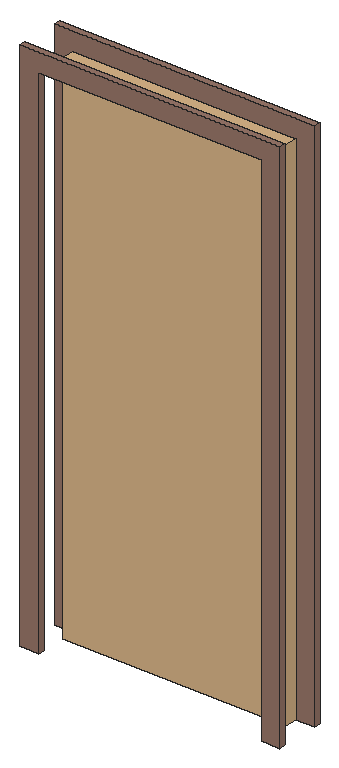
Revit family "Single-Flush", category Doors, host Wall, Revit 2021
Family settings
  Host = Wall
  OmniClass Number = 23.30.10.00
  OmniClass Title = Doors
  Always vertical = Yes
  Cut with Voids When Loaded = Yes
  Shared = Yes
  Room Calculation Point = Yes
Parameters (values of type "36" x 84"")
  Visual Light Transmittance = 0
  Thickness = 0' - 2"
  Thermal Resistance (R) = 1.5338 (h·ft²·°F)/BTU
  Solar Heat Gain Coefficient = 0
  Define Thermal Properties by = Schematic Type
  Construction Type Id = "MDOOR"
  Heat Transfer Coefficient (U) = 0.651978 BTU/(h·ft²·°F)
  Function = Interior
  Assembly Code = "C1020"
  Door Material = Door - Panel
  Frame Material = Door - Frame
  Height = 7' - 0"
  Trim Projection Ext = 0' - 1"
  Trim Projection Int = 0' - 1"
  Trim Width = 0' - 3"
  Wall Closure = By host
  Width = 3' - 0"
  Analytic Construction = "Metal"
Types (7): name | Height | Width
  36" x 84" | 7' - 0" | 3' - 0"
  34" x 84" | 7' - 0" | 2' - 10"
  32" x 84" | 7' - 0" | 2' - 8"
  30" x 84" | 7' - 0" | 2' - 6"
  30" x 80" | 6' - 8" | 2' - 6"
  36" x 80" | 6' - 8" | 3' - 0"
  34" x 80" | 6' - 8" | 2' - 10"
Reference planes (in)
  plane 1: y = 0
  plane 2: z = 0
  plane 3: x = 0
  plane 4: x = -18
  plane 5: x = 18
  plane 6: z = 84
Forms (in)
  Extrusion 1, solid, material "Door - Panel" <- "Door Material"
    sketch origin (0, 0, 0) x (1, 0, 0) y (0, 0, 1)
      loop
        line (-18, 84) -> (-18, 0) -> (18, 0) -> (18, 84) -> (-18, 84)
    from -3 to -1
  Extrusion 2, solid, material "Door - Frame" <- "Frame Material"
    sketch origin (-60, -3, 0) x (1, 0, 0) y (0, 0, 1)
      loop
        line (39, 87) -> (39, 0) -> (42, 0) -> (42, 84) -> (78, 84) -> (78, 0) -> (81, 0) -> (81, 87) -> (39, 87)
    from 0 to 1
  Extrusion 3, solid, material "Door - Frame" <- "Frame Material"
    sketch origin (-60, 3, 0) x (-1, 0, 0) y (0, 0, 1)
      loop
        line (-81, 87) -> (-81, 0) -> (-78, 0) -> (-78, 84) -> (-42, 84) -> (-42, 0) -> (-39, 0) -> (-39, 87) -> (-81, 87)
    from 0 to 1
Lines and regions (in)
  Opening 1
    outline origin (-60, -3, 144) x (0, 0, -1) y (1, 0, 0)
      loop
        line (60, 42) -> (144, 42) -> (144, 78) -> (60, 78) -> (60, 42)
  symbolic lines, style "DoorsPanelProjection"
    curve 1: line (18, 3, 0) -> (16, 3, 0)
    curve 2: line (18, 3, 0) -> (18, 39.0111, 0)
    curve 3: line (18, 39.0111, 0) -> (16, 39.0111, 0)
    curve 4: line (16, 3, 0) -> (16, 39.0111, 0)
  model lines, style "DoorsFrameMullionProjection"
    curve 5: line (-21, -3, 0) -> (-21, -3, 87)
    curve 6: line (-21, -3, 87) -> (21, -3, 87)
    curve 7: line (21, -3, 87) -> (21, -3, 0)
    curve 8: line (21, 3, 0) -> (21, 3, 87)
    curve 9: line (-21, 3, 87) -> (21, 3, 87)
    curve 10: line (-21, 3, 87) -> (-21, 3, 0)
  symbolic lines, style "Plan Swing"
    curve 11: arc (16, 39.0111, 0) -> (-8.2005, 27.78574, 0) -> (-18.06659, 3, 0) r 36.06659
  symbolic lines, style "Elevation Swing"
    curve 12: line (-18, 0, 84) -> (18, 0, 42)
    curve 13: line (-18, 0, 0) -> (18, 0, 42)
Dimensions and locks (in)
  equal spacing: plane 4, plane 3, plane 5
  "Width": plane 4 to plane 5
  locked: host wall to curve 1
  control icon elem to plane 5 = 0' - 10.29952"
  "Height": plane 6 to plane 2
  "Trim Width": plane 4 to curve 5
  "Trim Width": plane 5 to curve 7
  "Trim Width": plane 6 to curve 6
  locked: curve 9 to host wall
  "Trim Projection Ext": Extrusion 3 to host wall
  "Trim Projection Int": Extrusion 2 to host wall
  "Thickness": curve 4 to plane 5
  "Thickness": Extrusion 1 to host wall
  equal spacing: plane 6, curve 13, level
  aligned and locked: host wall to Extrusion 1
  aligned and locked: plane 2 to curve 5
  aligned and locked: curve 7 to level
  aligned and locked: curve 8 to curve 7
  aligned and locked: curve 6 to Extrusion 2 sketch curve
  aligned and locked: Extrusion 2 sketch curve to curve 5
  aligned and locked: Extrusion 2 sketch curve to curve 7
  aligned and locked: Extrusion 2 to Extrusion 3 sketch curve
  aligned and locked: Extrusion 3 sketch curve to Extrusion 2  (x2)
Automatic sketch dimensions
  Opening 1 sketch curve to plane 6 = 0' - 0"
  Opening 1 sketch curve to level = 0' - 0"
  Opening 1 sketch curve to plane 4 = 0' - 0"
  Opening 1 sketch curve to plane 5 = 0' - 0"
  Extrusion 1 sketch curve to plane 4 = 0' - 0"
  Extrusion 1 sketch curve to plane 5 = 0' - 0"
  Extrusion 1 sketch curve to level = 0' - 0"
  Extrusion 1 sketch curve to plane 6 = 0' - 0"
  Extrusion 2 sketch curve to level = 0' - 0"  (x2)
  Extrusion 2 sketch curve to plane 4 = 0' - 0"
  Extrusion 2 sketch curve to plane 5 = 0' - 0"
  Extrusion 2 sketch curve to plane 6 = 0' - 0"
  Extrusion 3 sketch curve to level = 0' - 0"  (x2)
  Extrusion 3 sketch curve to plane 5 = 0' - 0"
  Extrusion 3 sketch curve to plane 4 = 0' - 0"
  Extrusion 3 sketch curve to plane 6 = 0' - 0"
  curve 1 to plane 5 = 0' - 0"
  curve 11 to plane 5 = 0' - 0"
  plane 4 to curve 11 = 0' - 0.06659"
  curve 11 to host wall = 0' - 0"
  curve 12 to plane 4 = 0' - 0"
  curve 12 to plane 6 = 0' - 0"
  curve 13 to plane 5 = 0' - 0"
  curve 8 to level = 0' - 0"
  curve 13 to level = 0' - 0"
  curve 10 to level = 0' - 0"
  curve 13 to plane 4 = 0' - 0"
  curve 9 to curve 5 = 0' - 0"
  curve 10 to curve 5 = 0' - 0"
